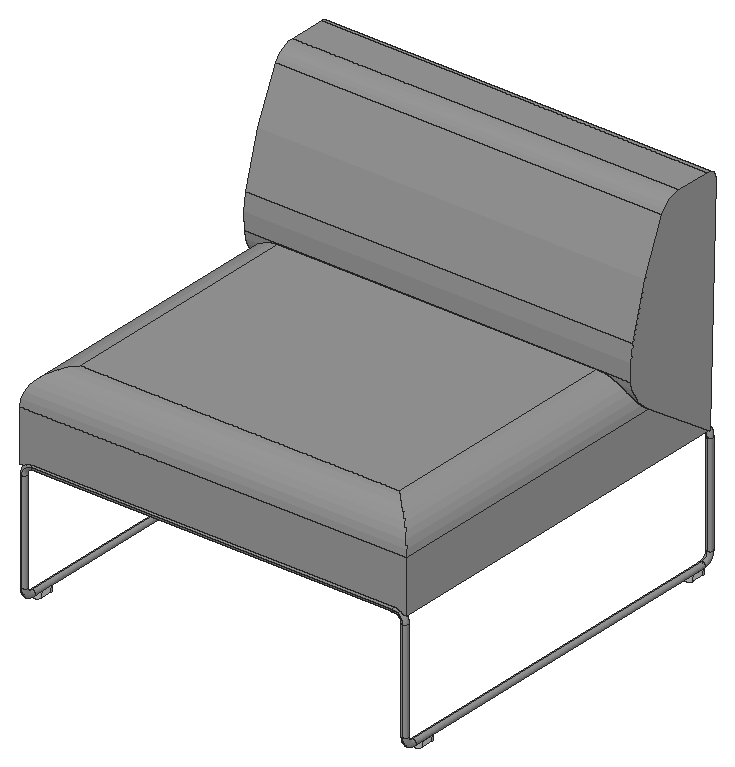
Revit family "Andreu World Siesta Indoor SF3005", category Mobiliario, Revit 2014
Parameters (values of type "SF3005")
  Width = 800 mm
  URL = "http://www.andreuworld.com/"
  Seat Height = 420 mm
  Reference = "SF-3005"
  Modelo = "Siesta"
  Metal = White Metal
  Glides = Andreu World Plastic Glides
  Fabricante = "Andreu World"
  Height = 740 mm
  Fabric = Andreu World Fabric
  Descripción = "1-seater corner sofa, right side."
  Depth = 800 mm
Reference planes
  plane 1 "Center (Front/Back)": y = 0
  plane 2: z = 0
  plane 3 "Center (Left/Right)": x = 0
  plane 4 "Left": x = -400
  plane 5 "Right": x = 400
  plane 6 "Back": y = 400
  plane 7 "Front": y = -400
  plane 8: z = 420
  plane 9: z = 740
Forms (mm)
  Sweep 1, solid, material "White Metal" <- "Metal", detail levels medium+fine
    path origin (0, -400, 0) x (-1, 0, 0) y (0, 0, 1)
      loop
        line (-400, 32.666) -> (-400, 242.666)
        arc (-400, 242.666) -> (-392.385, 261.051) -> (-374, 268.666) r 26
        line (-374, 268.666) -> (374, 268.666)
        arc (374, 268.666) -> (392.385, 261.051) -> (400, 242.666) r 26
        line (400, 242.666) -> (400, 32.666)
    profile origin (-400, -400, 137.666) x (0, 1, 0) y (-1, 0, 0)
      loop
        circle (6, -6) r 6
  Sweep 2, solid, material "White Metal" <- "Metal", detail levels medium+fine
    path origin (0, 400, 0) x (-1, 0, 0) y (0, 0, -1)
      loop
        line (-400, -32.666) -> (-400, -242.666)
        arc (-400, -242.666) -> (-392.385, -261.051) -> (-374, -268.666) r 26
        line (-374, -268.666) -> (374, -268.666)
        arc (374, -268.666) -> (392.385, -261.051) -> (400, -242.666) r 26
        line (400, -242.666) -> (400, -32.666)
    profile origin (-400, 400, 137.666) x (0, -1, 0) y (1, 0, 0)
      loop
        circle (6, 6) r 6
  Sweep 3, solid, material "White Metal" <- "Metal", detail levels medium+fine
    path origin (400, 0, 0) x (0, 1, 0) y (0, 0, 1)
      loop
        arc (-394, 32.666) -> (-388.142, 18.524) -> (-374, 12.666) r 20
        line (-374, 12.666) -> (374, 12.666)
        arc (374, 12.666) -> (388.142, 18.524) -> (394, 32.666) r 20
    profile origin (400, 0, 12.666) x (0, 0, 1) y (1, 0, 0)
      loop
        circle (0, -6) r 6
  Sweep 4, solid, material "White Metal" <- "Metal", detail levels medium+fine
    path origin (-400, 0, 0) x (0, 1, 0) y (0, 0, -1)
      loop
        arc (-394, -32.666) -> (-388.142, -18.524) -> (-374, -12.666) r 20
        line (-374, -12.666) -> (374, -12.666)
        arc (374, -12.666) -> (388.142, -18.524) -> (394, -32.666) r 20
    profile origin (-400, 0, 12.666) x (0, 0, -1) y (-1, 0, 0)
      loop
        circle (0, -6) r 6
  Extrusion 5, solid, material "White Metal" <- "Metal", detail levels medium+fine
    sketch origin (0, -400, 0) x (-1, 0, 0) y (0, 0, 1)
      loop
        circle (366.531, 262.663) r 6
    from 6 to 787.685
  Extrusion 6, solid, material "White Metal" <- "Metal", detail levels medium+fine
    sketch origin (0, -400, 0) x (1, 0, 0) y (0, 0, -1)
      loop
        circle (366.531, -262.663) r 6
    from 6 to 787.685
  Extrusion 7, solid, material "Andreu World Plastic Glides" <- "Glides", detail levels medium+fine
    sketch origin (0, 0, 0) x (1, 0, 0) y (0, 1, 0)
      loop
        arc (-401.535, 341.443) -> (-394.035, 333.943) -> (-386.535, 341.443) r 7.5
        line (-386.535, 341.443) -> (-386.535, 366.443)
        arc (-386.535, 366.443) -> (-394.035, 373.943) -> (-401.535, 366.443) r 7.5
        line (-401.535, 366.443) -> (-401.535, 341.443)
    from 0 to 10.327
  Extrusion 8, solid, material "Andreu World Plastic Glides" <- "Glides", detail levels medium+fine
    sketch origin (0, -700, 0) x (1, 0, 0) y (0, 1, 0)
      loop
        arc (-401.535, 341.443) -> (-394.035, 333.943) -> (-386.535, 341.443) r 7.5
        line (-386.535, 341.443) -> (-386.535, 366.443)
        arc (-386.535, 366.443) -> (-394.035, 373.943) -> (-401.535, 366.443) r 7.5
        line (-401.535, 366.443) -> (-401.535, 341.443)
    from 0 to 10.327
  Extrusion 9, solid, material "Andreu World Plastic Glides" <- "Glides", detail levels medium+fine
    sketch origin (0, 0, 0) x (-1, 0, 0) y (0, -1, 0)
      loop
        line (-401.535, -341.443) -> (-401.535, -366.443)
        arc (-401.535, -366.443) -> (-394.035, -373.943) -> (-386.535, -366.443) r 7.5
        line (-386.535, -366.443) -> (-386.535, -341.443)
        arc (-386.535, -341.443) -> (-394.035, -333.943) -> (-401.535, -341.443) r 7.5
    from 0 to 10.327
  Extrusion 10, solid, material "Andreu World Plastic Glides" <- "Glides", detail levels medium+fine
    sketch origin (0, -700, 0) x (-1, 0, 0) y (0, -1, 0)
      loop
        line (-401.535, -341.443) -> (-401.535, -366.443)
        arc (-401.535, -366.443) -> (-394.035, -373.943) -> (-386.535, -366.443) r 7.5
        line (-386.535, -366.443) -> (-386.535, -341.443)
        arc (-386.535, -341.443) -> (-394.035, -333.943) -> (-401.535, -341.443) r 7.5
    from 0 to 10.327
  Extrusion 11, solid, material "White Metal" <- "Metal", detail levels medium+fine
    sketch origin (0, 0, 0) x (1, 0, 0) y (0, 1, 0)
      loop
        line (-360, 386.974) -> (-360, -388.026) -> (360, -388.026) -> (360, 386.974) -> (-360, 386.974)
    from 259.942 to 265.082
  Sweep 12, solid, material "Andreu World Fabric" <- "Fabric", detail levels medium+fine
    path origin (-2.126, 3861.4, 0) x (0, -1, 0) y (1, 0, 0)
      loop
        line (3459.011, -397.874) -> (3459.011, 402.126)
    profile origin (0, 402.389, 0) x (0, 1, 0) y (0, 0, 1)
      loop
        arc (-138.826, 712.618) -> (-183.864, 612.483) -> (-215.564, 507.361) r 846.681
        arc (-215.564, 507.361) -> (-220.522, 472.294) -> (-219.293, 436.899) r 202.471
        arc (-219.293, 436.899) -> (-207.023, 401.379) -> (-181.319, 373.966) r 90
        line (-181.319, 373.966) -> (-16.053, 259.137) -> (-0.012, 718.497)
        arc (-0.012, 718.497) -> (-5.613, 733.088) -> (-20, 739.195) r 20
        line (-20, 739.195) -> (-94.652, 739.195)
        arc (-94.652, 739.195) -> (-120.428, 732.039) -> (-138.826, 712.618) r 50
  Sweep 13, solid, material "Andreu World Fabric" <- "Fabric", detail levels medium+fine
    path origin (-3861.149, -10.41, 259.942) x (1, 0, 0) y (0, 1, 0)
      loop
        line (4261.149, 396.746) -> (4261.149, -387.201) -> (3461.149, -387.201) -> (3461.149, 396.746)
    profile origin (0, -397.611, 259.942) x (0, -1, 0) y (0, 0, 1)
      loop
        line (0, 0) -> (0, 106.957)
        arc (0, 106.957) -> (-20.503, 156.454) -> (-70, 176.957) r 70
        line (-70, 176.957) -> (-84.99, 176.957) -> (-84.99, 0) -> (0, 0)
  Extrusion 14, solid, material "Andreu World Fabric" <- "Fabric", detail levels medium+fine
    sketch origin (0, 0, 0) x (1, 0, 0) y (0, 1, 0)
      loop
        line (-315.01, -312.621) -> (315.01, -312.621) -> (315.01, 386.336) -> (-315.01, 386.336) -> (-315.01, -312.621)
    from 265.082 to 436.899
Cuts and joins
  joined: Sweep 13, Extrusion 14
Lines and regions (mm)
  model lines, detail levels coarse+medium
    curve 1: line (-400, 400, 0) -> (400, 400, 0)
    curve 2: line (400, 400, 0) -> (400, -400, 0)
    curve 3: line (400, -400, 0) -> (-400, -400, 0)
    curve 4: line (-400, -400, 0) -> (-400, 400, 0)
    curve 5: arc (-400, 257.224, 0) -> (0, 198.378, 0) -> (400, 257.224, 0) r 1388.89
Dimensions and locks
  "Width": plane 4 "Left" to plane 5 "Right"
  equal spacing: plane 4 "Left", plane 3 "Center (Left/Right)", plane 5 "Right"
  "Depth": plane 6 "Back" to plane 7 "Front"
  equal spacing: plane 6 "Back", plane 1 "Center (Front/Back)", plane 7 "Front"
  "Seat Height": plane 8 to level
  "Height": plane 9 to level
  aligned and locked: level to plane 2
Automatic sketch dimensions
  Sweep 1 sketch curve to plane 5 "Right" = 0 mm
  Sweep 1 sketch curve to plane 4 "Left" = 0 mm
  Sweep 1 sketch curve to plane 8 = 177.334 mm
  Sweep 1 sketch curve to plane 5 "Right" = 26 mm
  plane 4 "Left" to Sweep 1 sketch curve = 26 mm
  level to Sweep 1 sketch curve = 32.666 mm  (x2)
  plane 7 "Front" to Sweep 1 sketch curve = 6 mm
  profile plane to Sweep 1 sketch curve = 6 mm
  Sweep 2 sketch curve to plane 5 "Right" = 0 mm
  Sweep 2 sketch curve to plane 4 "Left" = 0 mm
  plane 4 "Left" to Sweep 2 sketch curve = 26 mm
  Sweep 2 sketch curve to plane 8 = 151.334 mm
  Sweep 2 sketch curve to plane 5 "Right" = 26 mm
  level to Sweep 2 sketch curve = 32.666 mm  (x2)
  profile plane to Sweep 2 sketch curve = 6 mm
  Sweep 2 sketch curve to profile plane = 6 mm
  level to Sweep 3 sketch curve = 12.666 mm
  plane 7 "Front" to Sweep 3 sketch curve = 26 mm
  Sweep 3 sketch curve to plane 6 "Back" = 26 mm
  plane 7 "Front" to Sweep 3 sketch curve = 6 mm
  Sweep 3 sketch curve to plane 6 "Back" = 6 mm
  Sweep 3 sketch curve to profile plane = 0 mm
  Sweep 3 sketch curve to plane 5 "Right" = 6 mm
  level to Sweep 4 sketch curve = 12.666 mm
  plane 7 "Front" to Sweep 4 sketch curve = 26 mm
  Sweep 4 sketch curve to plane 6 "Back" = 26 mm
  plane 7 "Front" to Sweep 4 sketch curve = 6 mm
  Sweep 4 sketch curve to plane 6 "Back" = 6 mm
  Sweep 4 sketch curve to profile plane = 0 mm
  Sweep 4 sketch curve to profile plane = 6 mm
  plane 4 "Left" to Extrusion 5 sketch curve = 33.469 mm
  Extrusion 5 sketch curve to plane 8 = 157.337 mm
  plane 5 "Right" to Extrusion 6 sketch curve = 33.469 mm
  plane 8 to Extrusion 6 sketch curve = 157.337 mm
  Extrusion 7 sketch curve to plane 4 "Left" = 1.535 mm
  plane 4 "Left" to Extrusion 7 sketch curve = 13.465 mm
  Extrusion 7 sketch curve to plane 6 "Back" = 58.557 mm
  Extrusion 7 sketch curve to Extrusion 7 sketch curve = 25 mm
  Extrusion 8 sketch curve to plane 4 "Left" = 1.535 mm
  plane 4 "Left" to Extrusion 8 sketch curve = 13.465 mm
  plane 7 "Front" to Extrusion 8 sketch curve = 41.443 mm
  Extrusion 8 sketch curve to Extrusion 8 sketch curve = 25 mm
  Extrusion 9 sketch curve to plane 5 "Right" = 1.535 mm
  plane 5 "Right" to Extrusion 9 sketch curve = 13.465 mm
  plane 6 "Back" to Extrusion 9 sketch curve = 58.557 mm
  Extrusion 9 sketch curve to Extrusion 9 sketch curve = 25 mm
  Extrusion 10 sketch curve to plane 5 "Right" = 1.535 mm
  plane 5 "Right" to Extrusion 10 sketch curve = 13.465 mm
  Extrusion 10 sketch curve to plane 7 "Front" = 41.443 mm
  Extrusion 10 sketch curve to Extrusion 10 sketch curve = 25 mm
  plane 7 "Front" to Extrusion 11 sketch curve = 11.974 mm
  plane 4 "Left" to Extrusion 11 sketch curve = 40 mm
  Extrusion 11 sketch curve to plane 6 "Back" = 13.026 mm
  Extrusion 11 sketch curve to plane 5 "Right" = 40 mm
  profile plane to Sweep 12 sketch curve = 181.319 mm
  Sweep 12 sketch curve to Sweep 12 sketch curve = 51.354 mm
  profile plane to Sweep 12 sketch curve = 94.652 mm
  profile plane to Sweep 12 sketch curve = 20 mm
  profile plane to Sweep 12 sketch curve = 18.333 mm
  profile plane to Sweep 12 sketch curve = 16.053 mm
  profile plane to Sweep 12 sketch curve = 0.012 mm
  level to Sweep 12 sketch curve = 315.982 mm
  Sweep 12 sketch curve to profile plane = 609.204 mm
  level to Sweep 12 sketch curve = 259.137 mm
  Sweep 12 sketch curve to Sweep 12 sketch curve = 114.829 mm
  Sweep 12 sketch curve to Sweep 12 sketch curve = 73.91 mm
  Sweep 12 sketch curve to Sweep 12 sketch curve = 13.719 mm
  Sweep 12 sketch curve to Sweep 12 sketch curve = 227.599 mm
  Sweep 12 sketch curve to Sweep 12 sketch curve = 29.302 mm
  Sweep 12 sketch curve to Sweep 12 sketch curve = 0.698 mm
  Sweep 12 sketch curve to Sweep 12 sketch curve = 3.728 mm
  Sweep 12 sketch curve to Sweep 12 sketch curve = 0 mm
  Sweep 13 sketch curve to plane 4 "Left" = 0 mm
  Sweep 13 sketch curve to plane 5 "Right" = 0 mm
  plane 7 "Front" to Sweep 13 sketch curve = 2.389 mm
  Sweep 13 sketch curve to plane 6 "Back" = 13.664 mm  (x2)
  Sweep 13 sketch curve to profile plane = 0 mm  (x2)
  Sweep 13 sketch curve to Sweep 13 sketch curve = 70 mm
  Sweep 13 sketch curve to Sweep 13 sketch curve = 14.99 mm
  profile plane to Sweep 13 sketch curve = 106.957 mm
  Extrusion 14 sketch curve to plane 6 "Back" = 13.664 mm
  plane 4 "Left" to Extrusion 14 sketch curve = 84.99 mm
  Extrusion 14 sketch curve to plane 5 "Right" = 84.99 mm
  plane 7 "Front" to Extrusion 14 sketch curve = 87.379 mm
  curve 4 to plane 4 "Left" = 0 mm
  curve 2 to plane 5 "Right" = 0 mm
  curve 3 to plane 7 "Front" = 0 mm
  curve 4 to plane 6 "Back" = 0 mm
  plane 6 "Back" to curve 5 = 1187.268 mm
  curve 5 to plane 3 "Center (Left/Right)" = 0 mm
  curve 5 to curve 1 = 142.776 mm
  Sweep 12 sketch curve to plane 5 "Right" = 0 mm
  Sweep 12 sketch curve to plane 4 "Left" = 0 mm
  plane 6 "Back" to Sweep 12 sketch curve = 2.389 mm
  radius of Sweep 1 sketch curve = 6 mm
  radius of Sweep 2 sketch curve = 6 mm
  radius of Sweep 3 sketch curve = 6 mm
  radius of Sweep 4 sketch curve = 6 mm
  radius of Extrusion 5 sketch curve = 6 mm
  radius of Extrusion 6 sketch curve = 6 mm
